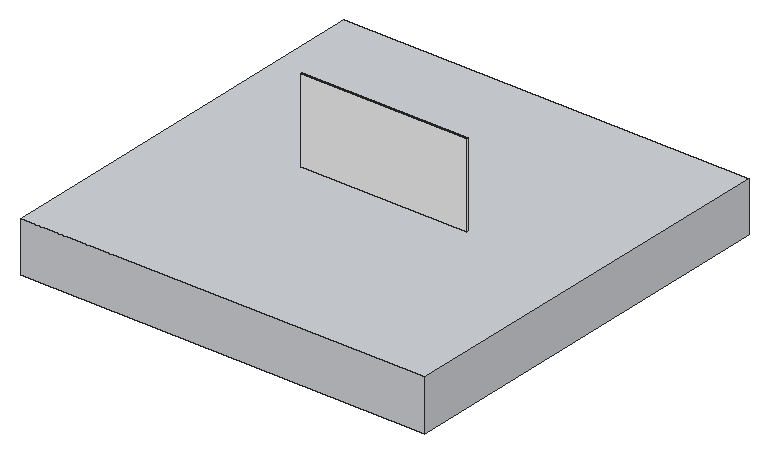
Revit family
Parameters (values of type "표준")
  두께 [instance] = 10 mm
  강판 재료 = 금속 - 스틸 - 345 MPa
  길이 [instance] = 1000 mm
  높이 [instance] = 500 mm
  Default Elevation = 1200 mm
Reference planes
  plane 1 "중심(앞/뒤)": y = 0
  plane 2: z = 0
  plane 3 "중심(왼쪽/오른쪽)": x = 0
  plane 4: z = 500
  plane 5: y = 5
  plane 6: y = -5
  plane 7: x = -500
  plane 8: x = 500
  plane 9: z = 500
  plane 10: x = -500
  plane 11: x = 500
Forms (mm)
  Extrusion 1, solid
    sketch origin (0, 0, 0) x (1, 0, 0) y (0, 1, 0)
      loop
        line (-1219.2, 1219.2) -> (-1219.2, -1219.2) -> (1219.309, -1219.2) -> (1219.309, 1219.2) -> (-1219.2, 1219.2)
    from 0 to -304.8
  Extrusion 2, solid, material "금속 - 스틸 - 345 MPa" <- "강판 재료"
    sketch origin (0, 0, 0) x (1, 0, 0) y (0, 0, 1)
      loop
        line (-500, 500) -> (-500, 0) -> (500, 0) -> (500, 500) -> (-500, 500)
    from -5 to 5
Dimensions and locks
  "높이": plane 4 to plane 2
  equal spacing: plane 6, plane 1 "중심(앞/뒤)", plane 5
  "두께": plane 6 to plane 5
  equal spacing: plane 7, plane 3 "중심(왼쪽/오른쪽)", plane 8
  "길이": plane 7 to plane 8
  aligned and locked: plane 2 to Extrusion 1
  aligned and locked: level to Extrusion 1
  aligned and locked: plane 4 to Extrusion 2 sketch curve
  aligned and locked: plane 7 to Extrusion 2 sketch curve
  aligned and locked: Extrusion 2 sketch curve to plane 2
  aligned and locked: plane 8 to Extrusion 2 sketch curve
  aligned and locked: plane 5 to Extrusion 2
  aligned and locked: plane 6 to Extrusion 2
  aligned and locked: plane 4 to plane 9
  aligned and locked: plane 10 to plane 7
  aligned and locked: plane 8 to plane 11
Automatic sketch dimensions
  Extrusion 1 sketch curve to Extrusion 1 sketch curve = 2438.509 mm
  Extrusion 1 sketch curve to Extrusion 1 sketch curve = 2438.4 mm
